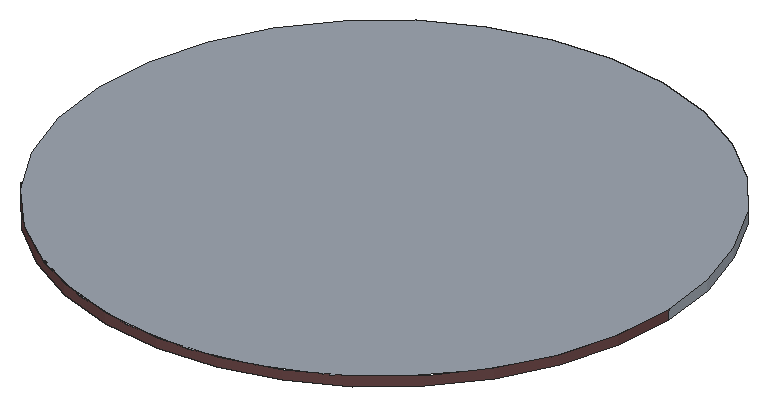
Revit family
Parameters (values of type "원형양탄자")
  안재질 [instance] = 양탄자
  반지름 [instance] = 600 mm
  높이 = 20 mm
  Assembly Code = ""
Reference planes
  plane 1 "Center (Front/Back)": y = 0
  plane 2: z = 0
  plane 3 "Center (Left/Right)": x = 0
  plane 4 "top": z = 20
Forms (mm)
  Extrusion 1, solid, material "양탄자" <- "안재질"
    sketch origin (0, 0, 0) x (1, 0, 0) y (0, 1, 0)
      loop
        circle (0, 0) r 600
    from 0 to 20
Lines and regions (mm)
  Split face 1
    outline origin (0, 0, 20) x (1, 0, 0) y (0, 1, 0)
      loop
        circle (0, 0) r 560
Dimensions and locks
  "높이": plane 4 "top" to level
  "반지름": radius of Extrusion 1 sketch curve
Automatic sketch dimensions
  Extrusion 1 sketch curve to plane 1 "Center (Front/Back)" = 0 mm
  Extrusion 1 sketch curve to plane 3 "Center (Left/Right)" = 0 mm
  radius of Split face 1 sketch curve to Extrusion 1 = 40 mm
